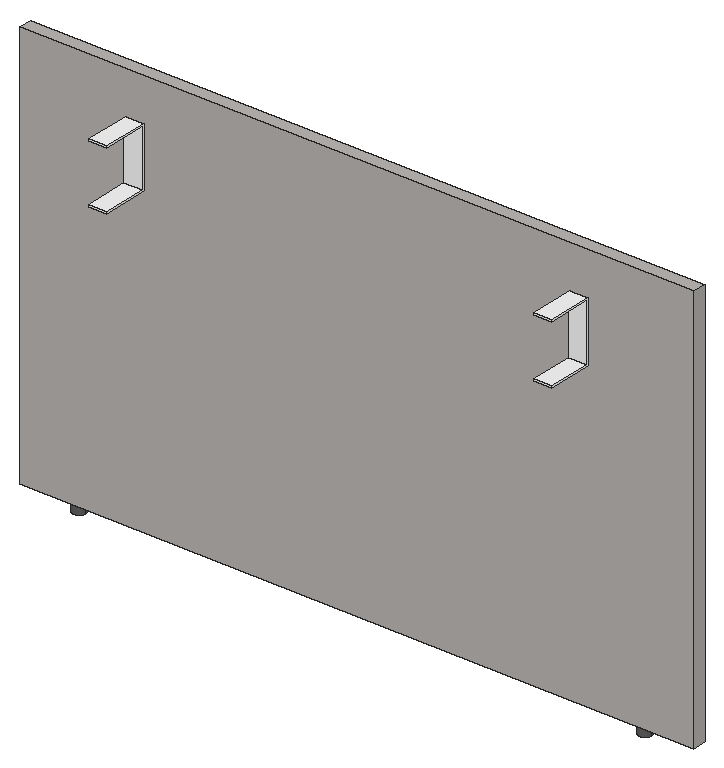
Revit family "Screens-Beam_Mounted-Teknion-JNSFSB-Floor_Screen-R20161", category Furniture, Revit 2016
Family settings
  OmniClass Number = 23.40.20.00
  OmniClass Title = General Furniture and Specialties
  Work Plane-Based = No
  Always vertical = Yes
  Cut with Voids When Loaded = No
  Shared = Yes
  Room Calculation Point = No
Parameters (values of type "Both Sides Width Extension")
  Width [instance] = 48.000"
  Warranty = "http://www.teknion.com/ca/papers/legal-canada"
  Unit Weight URL = "http://www.teknion.com/ca/tools/assets#&asset=bee6a381-b954-425e-8283-5a2de3a804f2,f828d448-4b62-4231-9e5f-9a8991c0ed77"
  URL = "www.teknion.com"
  Sustainability Data = "http://www.teknion.com/ca/tools/assets#&topic=216f99a5-57a0-44fc-b10a-9dee9b29ae4c&asset=444deb64-fe58-4b68-981e-f75e97781df7"
  Standard With = no
  Series = "Expansion Cityline"  # constant formula
  Screen Finish [instance] = Source Laminate - Teknion - XS - Storm White
  Right Width Offset [instance] = if(or([One Side - Right Width Extension], Both Sides Width Extension), 1.016", 0.000")  # 1.016"
  Product Page URL = "http://www.teknion.com/ca/products/product-details?productlineid=9ad2a26e-8e7a-673b-a6c8-ff05004460c4"
  Product Line = "Expansion Cityline"  # constant formula
  Product Documentation Link = "http://www.teknion.com/pricing/Expansion-Cityline/pdfs/JNSFSB_ppg.pdf"
  Part Number = "JNSFSB"  # constant formula
  One Side - Right Width Extension = no
  One Side - Left Width Extension = no
  Available Widths [instance] = if(Both Sides Width Extension, "48 to 84 inches in 6 inch increments.", "24 to 84 inches in 6 inch increments.")  # "48 to 84 inches in 6 inch increments."
  Available Heights [instance] = "31, 42, 51, or 57 inches."  # constant formula
  Model = "JNSFSB__BS_N"
  Manufacturer Phone = "416-661-3370"  # constant formula
  Manufacturer Fax = "416.661.4586"  # constant formula
  Manufacturer Contact Information = "http://www.teknion.com/ca/contactus"
  Manufacturer Address = "1150 Flint Road, Toronto, ON. M3J 2J5. Canada"  # constant formula
  Manufacturer = "Teknion"  # constant formula
  Left Width Offset [instance] = if(or([One Side - Left Width Extension], Both Sides Width Extension), 1.016", 0.000")  # 1.016"
  Height [instance] = 31.000"
  Description = "Floor Screen - Beam-Mounted, Both Sides Width Extension, Standard Corner Detail, No Cable Pass-Through"
  Both Sides Width Extension = yes
  Assembly Code = "E2020200"
Types (4): name | Standard With | Right Width Offset | One Side - Right Width Extension | One Side - Left Width Extension | Available Widths | Model | Left Width Offset | Description | Both Sides Width Extension
  Both Sides Width Extension | no | 1.016" | no | no | "48 to 84 inches in 6 inch increments." | "JNSFSB__BS_N" | 1.016" | "Floor Screen - Beam-Mounted, Both Sides Width Extension, Standard Corner Detail, No Cable Pass-Through" | yes
  One Side - Left Width Extension | no | 0.000" | no | yes | "24 to 84 inches in 6 inch increments." | "JNSFSB__LS_N" | 1.016" | "Floor Screen - Beam-Mounted, One Side - Left Width Extension, Standard Corner Detail, No Cable Pass-Through" | no
  One Side - Right Width Extension | no | 1.016" | yes | no | "24 to 84 inches in 6 inch increments." | "JNSFSB__RS_N" | 0.000" | "Floor Screen - Beam-Mounted, One Side - Right Width Extension, Standard Corner Detail, No Cable Pass-Through" | no
  Standard Width | yes | 0.000" | no | no | "24 to 84 inches in 6 inch increments." | "JNSFSB__SS_N" | 0.000" | "Floor Screen - Beam-Mounted, Standard Width, Standard Corner Detail, No Cable Pass-Through" | no
Reference planes (in)
  plane 1 "Center Front/Back": y = 0
  plane 2: z = 0
  plane 3 "Center Left/Right": x = 0
  plane 4 "Left": x = -24
  plane 5 "Right": x = 24
  plane 6 "Back": y = 0.50787
  plane 7 "Front": y = -0.50787
  plane 8 "Top": z = 31
  plane 9: x = 25.016
  plane 10: x = -25.016
  plane 11: z = 0.60236
  plane 12: z = 27.81102
  plane 13: z = 23.30315
  plane 14: x = 17.16929
  plane 15: x = 15.83071
  plane 16: x = -15.83071
  plane 17: x = -17.16929
  plane 18: y = -0.62598
Forms (in)
  Extrusion 1, solid, material "Source Laminate - Teknion - XS - Storm White" <- "Screen Finish"
    sketch origin (0, 0, 0) x (1, 0, 0) y (0, 0, 1)
      loop
        line (-25.016, 31) -> (-25.016, 0.60236) -> (25.016, 0.60236) -> (25.016, 31) -> (-25.016, 31)
    from -0.50787 to 0.50787
  Extrusion 2, solid, material "Plastic - Teknion - 52 - Ebony"
    sketch origin (0, 0, 0) x (1, 0, 0) y (0, 1, 0)
      loop
        circle (-21, 0) r 0.5
    from 0 to 0.60236
  Extrusion 3, solid, material "Plastic - Teknion - 52 - Ebony"
    sketch origin (0, 0, 0) x (-1, 0, 0) y (0, -1, 0)
      loop
        circle (-21, 0) r 0.5
    from 0 to 0.60236
  Extrusion 4, solid, material "Mica - Teknion - V - Satin - Very White"
    sketch origin (0, 0, 0) x (0, 1, 0) y (0, 0, 1)
      loop
        line (-3.8937, 27.81102) -> (-3.8937, 27.69291) -> (-0.62598, 27.69291) -> (-0.62598, 23.42126) -> (-3.8937, 23.42126) -> (-3.8937, 23.30315) -> (-0.50787, 23.30315) -> (-0.50787, 27.81102) -> (-3.8937, 27.81102)
    from 15.83071 to 17.16929
  Extrusion 5, solid, material "Mica - Teknion - V - Satin - Very White"
    sketch origin (-9, 0, 0) x (0, 1, 0) y (0, 0, 1)
      loop
        line (-3.8937, 27.81102) -> (-3.8937, 27.69291) -> (-0.62598, 27.69291) -> (-0.62598, 23.42126) -> (-3.8937, 23.42126) -> (-3.8937, 23.30315) -> (-0.50787, 23.30315) -> (-0.50787, 27.81102) -> (-3.8937, 27.81102)
    from -8.16929 to -6.83071
Lines and regions (in)
  Masking region 1
    outline origin (0, 0, 0) x (1, 0, 0) y (0, 1, 0)
      loop
        line (-25.016, 0.50787) -> (-25.016, -0.50787) -> (25.016, -0.50787) -> (25.016, 0.50787) -> (-25.016, 0.50787)
  symbolic lines, style "FurnitureHiddenLines", detail levels fine
    curve 1: arc (-21.5, 0, 0) -> (-21, -0.5, 0) -> (-20.5, 0, 0) r 0.5
    curve 2: arc (-20.5, 0, 0) -> (-21, 0.5, 0) -> (-21.5, 0, 0) r 0.5
    curve 3: arc (21.5, 0, 0) -> (21, 0.5, 0) -> (20.5, 0, 0) r 0.5
    curve 4: arc (20.5, 0, 0) -> (21, -0.5, 0) -> (21.5, 0, 0) r 0.5
  symbolic lines, style "FurnitureHiddenLines", detail levels medium+fine
    curve 5: line (-15.83071, -3.8937, 0) -> (-15.83071, -0.50787, 0)
    curve 6: line (-15.83071, -0.50787, 0) -> (-17.16929, -0.50787, 0)
    curve 7: line (-17.16929, -0.50787, 0) -> (-17.16929, -3.8937, 0)
    curve 8: line (-17.16929, -3.8937, 0) -> (-15.83071, -3.8937, 0)
    curve 9: line (17.16929, -3.8937, 0) -> (17.16929, -0.50787, 0)
    curve 10: line (17.16929, -0.50787, 0) -> (15.83071, -0.50787, 0)
    curve 11: line (15.83071, -0.50787, 0) -> (15.83071, -3.8937, 0)
    curve 12: line (15.83071, -3.8937, 0) -> (17.16929, -3.8937, 0)
  reference lines, not visible
    curve 13: line (-25.016, 0.50787, 0) -> (-25.016, -0.50787, 0)
    curve 14: line (-25.016, 0.50787, 0) -> (25.016, 0.50787, 0)
    curve 15: line (-25.016, -0.50787, 0) -> (25.016, -0.50787, 0)
    curve 16: line (25.016, 0.50787, 0) -> (25.016, -0.50787, 0)
Dimensions and locks (in)
  "Width": plane 4 "Left" to plane 5 "Right"
  plane 6 "Back" to plane 1 "Center Front/Back" to plane 7 "Front" = 0.50787" locked, 0.50787" locked
  "Height": plane 8 "Top" to level
  equal spacing: plane 4 "Left", plane 3 "Center Left/Right", plane 5 "Right"
  "Right Width Offset": plane 5 "Right" to plane 9
  "Left Width Offset": plane 10 to plane 4 "Left"
  locked: Extrusion 1 sketch curve to plane 2 at 0.60236
  locked: plane 11 to plane 2 at 0.60236
  locked: plane 1 "Center Front/Back" to Extrusion 2 sketch curve at 0
  locked: plane 4 "Left" to Extrusion 2 sketch curve at 3
  plane 12 to plane 13 to plane 2 = 4.50787" locked, 23.30315" locked
  locked: plane 12 to Extrusion 4 sketch curve at 0.11811
  locked: Extrusion 4 sketch curve to plane 7 "Front" at 0.11811
  locked: Extrusion 4 sketch curve to plane 13 at 0.11811
  plane 15 to plane 14 to plane 5 "Right" = 1.33858" locked, 6.83071" locked
  plane 4 "Left" to plane 17 to plane 16 = 6.83071" locked, 1.33858" locked
  locked: plane 12 to Extrusion 5 sketch curve at 0.11811
  locked: plane 7 "Front" to Extrusion 5 sketch curve at 0.11811
  locked: Extrusion 5 sketch curve to plane 13 at 0.11811
  plane 7 "Front" to Extrusion 5 sketch curve to Extrusion 5 sketch curve = 3.38583" locked, 0.000" locked
  Extrusion 4 sketch curve to Extrusion 4 sketch curve to plane 7 "Front" = 0.000" locked, 3.38583" locked
  locked: plane 7 "Front" to plane 18 at 0.11811
  locked: plane 1 "Center Front/Back" to Extrusion 3 sketch curve at 0
  locked: Extrusion 3 sketch curve to plane 5 "Right" at 3
  aligned and locked: level to plane 2
  aligned and locked: Extrusion 1 sketch curve to plane 8 "Top"
  aligned and locked: Extrusion 1 to plane 6 "Back"
  aligned and locked: Extrusion 1 to plane 7 "Front"
  aligned and locked: plane 9 to Extrusion 1 sketch curve
  aligned and locked: Extrusion 1 sketch curve to plane 10
  aligned and locked: plane 11 to Extrusion 2
  aligned and locked: Extrusion 2 to plane 2
  aligned and locked: Extrusion 3 to plane 11
  aligned and locked: Extrusion 3 to plane 2
  aligned and locked: Extrusion 4 sketch curve to plane 12
  aligned and locked: plane 7 "Front" to Extrusion 4 sketch curve
  aligned and locked: Extrusion 4 sketch curve to plane 13
  aligned and locked: Extrusion 4 to plane 15
  aligned and locked: plane 14 to Extrusion 4
  aligned and locked: plane 16 to Extrusion 5
  aligned and locked: Extrusion 5 to plane 17
  aligned and locked: plane 12 to Extrusion 5 sketch curve
  aligned and locked: plane 13 to Extrusion 5 sketch curve
  aligned and locked: Extrusion 5 sketch curve to plane 7 "Front"
  aligned and locked: Masking region 1 sketch curve to plane 10
  aligned and locked: Masking region 1 sketch curve to plane 9
  aligned and locked: curve 1 to Extrusion 2
  aligned and locked: curve 2 to Extrusion 2
  aligned and locked: curve 3 to Extrusion 3
  aligned and locked: curve 4 to Extrusion 3
  aligned and locked: curve 12 to Extrusion 4
  aligned and locked: curve 8 to Extrusion 5
  aligned and locked: curve 14 to plane 6 "Back"
  aligned and locked: curve 15 to plane 7 "Front"
  aligned and locked: curve 13 to plane 10
  aligned and locked: curve 16 to plane 9
Automatic sketch dimensions
  curve 8 to plane 17 = 0.000"
  curve 8 to plane 16 = 0.000"
  plane 7 "Front" to curve 7 = 0.000"
  curve 12 to plane 15 = 0.000"
  plane 7 "Front" to curve 9 = 0.000"
  curve 9 to plane 14 = 0.000"
  Masking region 1 sketch curve to plane 7 "Front" = 0.000"
  Masking region 1 sketch curve to plane 6 "Back" = 0.000"
  radius of Extrusion 2 sketch curve = 0.500"
  radius of Extrusion 3 sketch curve = 0.500"
